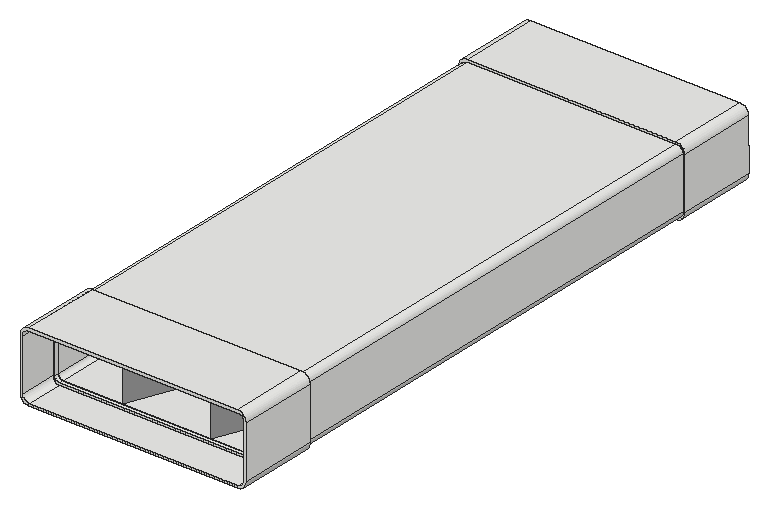
Revit family "PVCSIL", category Duct Accessories, Revit 2015
Parameters (values of type "PVCSIL-500")
  simple_220 = flat_channel_connector_do_not_use : PVC920WH
  simple_204 = flat_channel_connector_do_not_use : PVC520WH
  show_end_connector [instance] = not(Hide End Connector)  # yes
  seal_220 = flat_self_seal_connector_do_not_use : SS-PP-220X90
  seal_204 = flat_self_seal_connector_do_not_use : SS-PP-204X60
  connector_type [instance] = if(and(Duct Connection Width = 204 mm, Self Seal Connector), seal_204, if(and(Duct Connection Width = 220 mm, Self Seal Connector), seal_220, if(and(Duct Connection Width = 204 mm, Standard Connector), simple_204, simple_220)))  # flat_channel_connector_do_not_use : PVC520WH
  connector_gap [instance] = 4 mm
  Width = Duct Connection Width  # 204 mm
  Weight = 1.80 kg
  Unit Description = "500mm Long 204x60 Attenuator"
  Type Comments = ""
  Supplier Part No = Nuaire Model No  # "PVCSIL-500"
  Standard Connector [instance] = not(Self Seal Connector)  # yes
  Self Seal Connector [instance] = no
  Revit Family Last Revised = "31/10/18"  # constant formula
  Quote Reference [instance] = ""
  Project Reference [instance] = ""
  Pressure Drop [instance] = 100.0 Pa
  Order Reference [instance] = ""
  OmniClass Title = "Ventilation Ducts"  # constant formula
  OmniClass Number = "23-33 49 13"  # constant formula
  Nuaire Model No = "PVCSIL-500"
  Manufacturer Name = "Nuaire"  # constant formula
  Location Reference [instance] = ""
  Location [instance] = ""
  Length = 500 mm
  IFCExportAs = "IfcFanType"  # constant formula
  Hide End Connector [instance] = no
  Height = Duct Connection Height  # 60 mm
  Duct Connection Width = 204 mm
  Duct Connection Height = 60 mm
  Classification.Uniclass.Pr.Number = "Pr_65_65_23"  # constant formula
  Classification.Uniclass.Pr.Description = "Ductwork accessories"  # constant formula
  Catalogue Pages = "http://www.nuaire.info/catalogue/DuctmasterDuctingRangesAndAncillaries.pdf"
  Model Drawn by = "Michael Grote"  # constant formula
  Maximum Ambient Temperature = 40 °C
  URL = "http://www.nuaire.co.uk"
  Warranty Period = "5 Years"
  Weatherproof or Internal Only = "Internal"
  Manufacturer = Manufacturer Name  # "Nuaire"
  Description = Unit Description  # "500mm Long 204x60 Attenuator"
  Address = "Western Industrial Estate, Caerphilly, UK"  # constant formula
  Postcode = "CF83 1NA"  # constant formula
  Telephone Number = "+44(0)2920-858-200"  # constant formula
  Fax Number = "+44(0)2920-858-222"  # constant formula
  Email Address = "info@nuaire.co.uk"  # constant formula
  VAT Registration Number = "877308"  # constant formula
  Model = Nuaire Model No  # "PVCSIL-500"
  3lengths = no
  2piece_offset [instance] = if([2lengths], 500 mm + (connector_gap / 2), if([3lengths], 750 mm + connector_gap, 250 mm))  # 250 mm
  2or3lengths = or([2lengths], [3lengths])  # no
  2lengths = no
  1or3lengths = not([2lengths])  # yes
Types (6, lengths in mm): name | connector_type | Width | Weight | Unit Description | Supplier Part No | Nuaire Model No | Length | Height | Duct Connection Width | Duct Connection Height | Description | Model | 3lengths | 2piece_offset | 2or3lengths | 2lengths | 1or3lengths
  PVCSIL-500 | flat_channel_connector_do_not_use : PVC520WH | 204 | 1.80 kg | "500mm Long 204x60 Attenuator" | "PVCSIL-500" | "PVCSIL-500" | 500 | 60 | 204 | 60 | "500mm Long 204x60 Attenuator" | "PVCSIL-500" | no | 250 | no | no | yes
  PVCSIL-1000 | flat_channel_connector_do_not_use : PVC520WH | 204 | 2.80 kg | "1000mm Long 204x60 Attenuator" | "PVCSIL-1000" | "PVCSIL-1000" | 1000 | 60 | 204 | 60 | "1000mm Long 204x60 Attenuator" | "PVCSIL-1000" | no | 502 | yes | yes | no
  PVCSIL-1500 | flat_channel_connector_do_not_use : PVC520WH | 204 | 3.80 kg | "1500mm Long 204x60 Attenuator" | "PVCSIL-1500" | "PVCSIL-1500" | 1500 | 60 | 204 | 60 | "1500mm Long 204x60 Attenuator" | "PVCSIL-1500" | yes | 754 | yes | no | yes
  PVCSIL220X90-1500 | flat_channel_connector_do_not_use : PVC920WH | 220 | 0.00 kg | "1500mm Long 220x90 Attenuator" | "PVCSIL220X90-1500" | "PVCSIL220X90-1500" | 1500 | 90 | 220 | 90 | "1500mm Long 220x90 Attenuator" | "PVCSIL220X90-1500" | yes | 754 | yes | no | yes
  PVCSIL220X90-1000 | flat_channel_connector_do_not_use : PVC920WH | 220 | 0.00 kg | "1000mm Long 220x90 Attenuator" | "PVCSIL220X90-1000" | "PVCSIL220X90-1000" | 1000 | 90 | 220 | 90 | "1000mm Long 220x90 Attenuator" | "PVCSIL220X90-1000" | no | 502 | yes | yes | no
  PVCSIL220X90-500 | flat_channel_connector_do_not_use : PVC920WH | 220 | 0.00 kg | "1500mm Long 220x90 Attenuator" | "PVCSIL220X90-500" | "PVCSIL220X90-500" | 500 | 90 | 220 | 90 | "1500mm Long 220x90 Attenuator" | "PVCSIL220X90-500" | no | 250 | no | no | yes
Reference planes
  plane 1 "Center (Front/Back)": y = 0
  plane 2: z = 0
  plane 3 "Center (Left/Right)": x = 0
  plane 4: z = 30
  plane 5: z = -30
  plane 6: z = 28
  plane 7: z = -28
  plane 8: y = 250
  plane 9: y = -250
  plane 10: y = 254
  plane 11: y = -254
  plane 12: y = 252
  plane 13: y = -252
  plane 14: y = 250
  plane 15: y = -250
  plane 16: y = 254
  plane 17: y = 252
  plane 18: y = -252
  plane 19: y = -254
Dimensions and locks
  locked: plane 4 to plane 6 at 2
  locked: plane 7 to plane 5 at 2
  locked: plane 1 "Center (Front/Back)" to plane 8 at 250
  locked: plane 9 to plane 1 "Center (Front/Back)" at 250
  "connector_gap": plane 10 to plane 8
  "connector_gap": plane 11 to plane 9
  equal spacing: plane 10, plane 12, plane 8
  equal spacing: plane 11, plane 13, plane 9
  "2piece_offset": plane 1 "Center (Front/Back)" to plane 14
  "2piece_offset": plane 15 to plane 1 "Center (Front/Back)"
  "connector_gap": plane 16 to plane 14
  equal spacing: plane 16, plane 17, plane 14
  equal spacing: plane 19, plane 18, plane 15
  "connector_gap": plane 19 to plane 15
  aligned and locked: level to plane 2
  aligned and locked: nested 5 to plane 12
  aligned and locked: nested 4 to plane 13
  aligned and locked: nested 8 to plane 14
  aligned and locked: plane 15 to nested 7
  aligned and locked: nested 1 to plane 17
  aligned and locked: plane 18 to nested 2
Nested families
  nested 1: "flat_channel_connector_do_not_use" at (0, 252, 0), type <- "connector_type", Location <- "Location", type "PVC520WH"
    with Quote Reference "", Project Reference "", Order Reference "", Location Reference "", Location ""
  nested 2: "flat_channel_connector_do_not_use" at (0, -252, 0), type <- "connector_type", visible <- "show_end_connector", Location <- "Location", type "PVC520WH"
    with Quote Reference "", Project Reference "", Order Reference "", Location Reference "", Location ""
  nested 3: "flat_channel_connector_do_not_use" at (0, 0, 0), visible <- "2lengths", type <- "connector_type", Location <- "Location", type "PVC520WH"
    with Quote Reference "", Project Reference "", Order Reference "", Location Reference "", Location ""
  nested 4: "flat_channel_connector_do_not_use" at (0, -252, 0), visible <- "3lengths", type <- "connector_type", Location <- "Location", type "PVC520WH"
    with Quote Reference "", Project Reference "", Order Reference "", Location Reference "", Location ""
  nested 5: "flat_channel_connector_do_not_use" at (0, 252, 0), visible <- "3lengths", type <- "connector_type", Location <- "Location", type "PVC520WH"
    with Quote Reference "", Project Reference "", Order Reference "", Location Reference "", Location ""
  nested 6: "PVCSIL-500" at (0, 0, 0), visible <- "1or3lengths", type "PVCSIL-500"
    with Quote Reference "", Project Reference "", Pressure Drop 100.0 Pa, Order Reference "", Location Reference "", Location ""
  nested 7: "PVCSIL-500" at (0, 0, 0), visible <- "2or3lengths", type "PVCSIL-500"
    with Quote Reference "", Project Reference "", Pressure Drop 100.0 Pa, Order Reference "", Location Reference "", Location ""
  nested 8: "PVCSIL-500" at (0, 0, 0), visible <- "2or3lengths", type "PVCSIL-500"
    with Quote Reference "", Project Reference "", Pressure Drop 100.0 Pa, Order Reference "", Location Reference "", Location ""
Connectors
  hvac at (0, 254, 0), driven by "Duct Connection Height", driven by "Duct Connection Width"
    settings: on nested 1, index 1, duct flow 0.0 L/s, flow factor 0, pres drop 0.0 Pa, loss coef 0, conn angle 0.00°, conn width 204 mm, conn height 60 mm, conn diameter 609.6 mm, duct sys type 28, conn prof type 1, flow config 0, flow direction 0, loss method 0, conn ref index -1, conn util no, is conn primary yes, conn desc ""
  hvac at (0, -254, 0), driven by "Duct Connection Height", driven by "Duct Connection Width"
    settings: on nested 2, index 2, duct flow 0.0 L/s, flow factor 0, pres drop 0.0 Pa, loss coef 0, conn angle 0.00°, conn width 204 mm, conn height 60 mm, conn diameter 609.6 mm, duct sys type 28, conn prof type 1, flow config 0, flow direction 0, loss method 0, conn ref index -1, conn util no, is conn primary no, conn desc ""
Definition of nested family "flat_channel_connector_do_not_use"
  Parameters
    Width = 208 mm
    Weight = 0.10 kg
    Unit Description = "Flat Channel 204x60 Connector"
    Type Comments = ""
    Supplier Part No = Nuaire Model No  # "PVC520WH"
    Quote Reference [instance] = ""
    Project Reference [instance] = ""
    Order Reference [instance] = ""
    Nuaire Model No = "PVC520WH"
    Manufacturer Name = "Nuaire"  # constant formula
    Location Reference [instance] = ""
    Location [instance] = ""
    Length = 73 mm
    Height = 64 mm
    Duct Connection Width = 204 mm
    Duct Connection Height = 60 mm
    Catalogue Pages = "http://www.nuaire.info/catalogue/DuctmasterDuctingRangesAndAncillaries.pdf"
    Model Drawn by = "Michael Grote"  # constant formula
    Maximum Ambient Temperature = 40 °C
    URL = "http://www.nuaire.co.uk"
    Warranty Period = "3 Years"
    Weatherproof or Internal Only = "Internal"
    Manufacturer = Manufacturer Name  # "Nuaire"
    Description = Unit Description  # "Flat Channel 204x60 Connector"
    Address = "Western Industrial Estate, Caerphilly, UK"  # constant formula
    Postcode = "CF83 1NA"  # constant formula
    Telephone Number = "+44(0)2920-858-200"  # constant formula
    Fax Number = "+44(0)2920-858-222"  # constant formula
    Email Address = "info@nuaire.co.uk"  # constant formula
    VAT Registration Number = "877308"  # constant formula
    Model = Nuaire Model No  # "PVC520WH"
  Reference planes
    plane 1 "Center (Front/Back)": y = 0
    plane 2: z = 0
    plane 3 "Center (Left/Right)": x = 0
    plane 4: x = -102
    plane 5: x = 102
    plane 6: z = 30
    plane 7: z = -30
    plane 8: z = 32
    plane 9: x = -104
    plane 10: z = -32
    plane 11: x = 104
    plane 12: z = 28
    plane 13: z = -28
    plane 14: x = -100
    plane 15: x = 100
    plane 16: y = 36.5
    plane 17: y = -36.5
    plane 18: y = 2
    plane 19: y = -2
  Forms (mm)
    Extrusion 1, solid, detail levels medium+fine
      sketch origin (0, 0, 0) x (1, 0, 0) y (0, 0, 1)
        loop
          arc (-96, 30) -> (-100.243, 28.243) -> (-102, 24) r 6
          line (-102, 24) -> (-102, -24)
          arc (-102, -24) -> (-100.243, -28.243) -> (-96, -30) r 6
          line (-96, -30) -> (96, -30)
          arc (96, -30) -> (100.243, -28.243) -> (102, -24) r 6
          line (102, -24) -> (102, 24)
          arc (102, 24) -> (100.243, 28.243) -> (96, 30) r 6
          line (96, 30) -> (-96, 30)
        loop
          arc (-96, 32) -> (-101.657, 29.657) -> (-104, 24) r 8
          line (-104, 24) -> (-104, -24)
          arc (-104, -24) -> (-101.657, -29.657) -> (-96, -32) r 8
          line (-96, -32) -> (96, -32)
          arc (96, -32) -> (101.657, -29.657) -> (104, -24) r 8
          line (104, -24) -> (104, 24)
          arc (104, 24) -> (101.657, 29.657) -> (96, 32) r 8
          line (96, 32) -> (-96, 32)
      from -36.5 to 36.5
    Extrusion 2, solid, detail levels fine
      sketch origin (0, 0, 0) x (1, 0, 0) y (0, 0, 1)
        loop
          arc (-96, 30) -> (-100.243, 28.243) -> (-102, 24) r 6
          line (-102, 24) -> (-102, -24)
          arc (-102, -24) -> (-100.243, -28.243) -> (-96, -30) r 6
          line (-96, -30) -> (96, -30)
          arc (96, -30) -> (100.243, -28.243) -> (102, -24) r 6
          line (102, -24) -> (102, 24)
          arc (102, 24) -> (100.243, 28.243) -> (96, 30) r 6
          line (96, 30) -> (-96, 30)
        loop
          arc (-96, 28) -> (-98.828, 26.828) -> (-100, 24) r 4
          line (-100, 24) -> (-100, -24)
          arc (-100, -24) -> (-98.828, -26.828) -> (-96, -28) r 4
          line (-96, -28) -> (96, -28)
          arc (96, -28) -> (98.828, -26.828) -> (100, -24) r 4
          line (100, -24) -> (100, 24)
          arc (100, 24) -> (98.828, 26.828) -> (96, 28) r 4
          line (96, 28) -> (-96, 28)
      from -2 to 2
    Extrusion 3, solid, detail levels coarse
      sketch origin (0, 0, 0) x (1, 0, 0) y (0, 0, 1)
        loop
          line (-104, 32) -> (-104, -32) -> (104, -32) -> (104, 32) -> (-104, 32)
        loop
          line (-102, 30) -> (-102, -30) -> (102, -30) -> (102, 30) -> (-102, 30)
      from -36.5 to 36.5
  Dimensions and locks
    locked: plane 5 to plane 11 at 2
    locked: plane 8 to plane 6 at 2
    locked: plane 4 to plane 9 at 2
    locked: plane 7 to plane 10 at 2
    equal spacing: plane 5, plane 3 "Center (Left/Right)", plane 4
    "Duct Connection Width": plane 5 to plane 4
    equal spacing: plane 6, level, plane 7
    "Duct Connection Height": plane 6 to plane 7
    locked: plane 15 to plane 5 at 2
    locked: plane 6 to plane 12 at 2
    locked: plane 13 to plane 7 at 2
    locked: plane 14 to plane 4 at 2
    aligned and locked: level to plane 2
    aligned and locked: Extrusion 1 sketch curve to plane 6
    aligned and locked: plane 4 to Extrusion 1 sketch curve
    aligned and locked: Extrusion 1 sketch curve to plane 7
    aligned and locked: plane 5 to Extrusion 1 sketch curve
    aligned and locked: Extrusion 1 sketch curve to plane 8
    aligned and locked: plane 9 to Extrusion 1 sketch curve
    aligned and locked: plane 10 to Extrusion 1 sketch curve
    aligned and locked: Extrusion 1 sketch curve to plane 11
    aligned and locked: Extrusion 2 sketch curve to plane 6
    aligned and locked: plane 4 to Extrusion 2 sketch curve
    aligned and locked: Extrusion 2 sketch curve to plane 7
    aligned and locked: plane 5 to Extrusion 2 sketch curve
    aligned and locked: Extrusion 2 sketch curve to plane 12
    aligned and locked: plane 14 to Extrusion 2 sketch curve
    aligned and locked: Extrusion 2 sketch curve to plane 13
    aligned and locked: plane 15 to Extrusion 2 sketch curve
    aligned and locked: Extrusion 3 sketch curve to plane 8
    aligned and locked: plane 9 to Extrusion 3 sketch curve
    aligned and locked: plane 10 to Extrusion 3 sketch curve
    aligned and locked: Extrusion 3 sketch curve to plane 11
    aligned and locked: Extrusion 3 sketch curve to plane 6
    aligned and locked: plane 4 to Extrusion 3 sketch curve
    aligned and locked: Extrusion 3 sketch curve to plane 7
    aligned and locked: plane 5 to Extrusion 3 sketch curve
  Automatic sketch dimensions
    Extrusion 1 sketch curve to Extrusion 1 sketch curve = 0 mm  (x4)
    plane 4 to Extrusion 1 sketch curve = 6 mm
    Extrusion 1 sketch curve to plane 7 = 6 mm
    plane 5 to Extrusion 1 sketch curve = 6 mm  (x2)
    Extrusion 2 sketch curve to Extrusion 2 sketch curve = 0 mm  (x4)
    plane 14 to Extrusion 2 sketch curve = 4 mm  (x2)
    Extrusion 2 sketch curve to plane 13 = 4 mm
    plane 15 to Extrusion 2 sketch curve = 4 mm
Definition of nested family "PVCSIL-500"
  Parameters
    Width = Duct Connection Width  # 204 mm
    Weight = 1.80 kg
    Unit Description = "500mm Long Rigid Flat Duct Attenuator"
    Type Comments = ""
    Supplier Part No = Nuaire Model No  # "PVCSIL-500"
    Quote Reference [instance] = ""
    Project Reference [instance] = ""
    Pressure Drop [instance] = 100.0 Pa
    Order Reference [instance] = ""
    Nuaire Model No = "PVCSIL-500"
    Manufacturer Name = "Nuaire"  # constant formula
    Location Reference [instance] = ""
    Location [instance] = ""
    Length = 500 mm
    Height = Duct Connection Height  # 60 mm
    Duct Connection Width = 204 mm
    Duct Connection Height = 60 mm
    Catalogue Pages = "http://www.nuaire.info/catalogue/DuctmasterDuctingRangesAndAncillaries.pdf"
    Model Drawn by = "Michael Grote"  # constant formula
    Maximum Ambient Temperature = 40 °C
    URL = "http://www.nuaire.co.uk"
    Warranty Period = "5 Years"
    Weatherproof or Internal Only = "Internal"
    Manufacturer = Manufacturer Name  # "Nuaire"
    Description = Unit Description  # "500mm Long Rigid Flat Duct Attenuator"
    Address = "Western Industrial Estate, Caerphilly, UK"  # constant formula
    Postcode = "CF83 1NA"  # constant formula
    Telephone Number = "+44(0)2920-858-200"  # constant formula
    Fax Number = "+44(0)2920-858-222"  # constant formula
    Email Address = "info@nuaire.co.uk"  # constant formula
    VAT Registration Number = "877308"  # constant formula
    Model = Nuaire Model No  # "PVCSIL-500"
  Reference planes
    plane 1 "Center (Front/Back)": y = 0
    plane 2: z = 0
    plane 3 "Center (Left/Right)": x = 0
    plane 4: z = 30
    plane 5: z = -30
    plane 6: x = -102
    plane 7: x = 102
    plane 8: y = 250
    plane 9: y = -250
    plane 10: y = 200
    plane 11: y = -200
    plane 12: x = -40.8
    plane 13: x = 40.8
    plane 14: x = -61.2
    plane 15: x = -20.4
    plane 16: x = 20.4
    plane 17: x = 61.2
    plane 18: z = 28
    plane 19: z = -28
  Forms (mm)
    Extrusion 1, solid, detail levels medium+fine
      sketch origin (0, 0, 0) x (1, 0, 0) y (0, 0, 1)
        loop
          arc (-96, 30) -> (-100.243, 28.243) -> (-102, 24) r 6
          line (-102, 24) -> (-102, -24)
          arc (-102, -24) -> (-100.243, -28.243) -> (-96, -30) r 6
          line (-96, -30) -> (96, -30)
          arc (96, -30) -> (100.243, -28.243) -> (102, -24) r 6
          line (102, -24) -> (102, 24)
          arc (102, 24) -> (100.243, 28.243) -> (96, 30) r 6
          line (96, 30) -> (-96, 30)
        loop
          arc (100, 24) -> (98.828, 26.828) -> (96, 28) r 4
          line (96, 28) -> (-96, 28)
          arc (-96, 28) -> (-98.828, 26.828) -> (-100, 24) r 4
          line (-100, 24) -> (-100, -24)
          arc (-100, -24) -> (-98.828, -26.828) -> (-96, -28) r 4
          line (-96, -28) -> (96, -28)
          arc (96, -28) -> (98.828, -26.828) -> (100, -24) r 4
          line (100, -24) -> (100, 24)
      from -250 to 250
    Extrusion 2, solid, detail levels fine
      sketch origin (0, 0, 0) x (1, 0, 0) y (0, 1, 0)
        loop
          line (-61.2, 200) -> (-61.2, -200) -> (-40.8, -250) -> (-20.4, -200) -> (-20.4, 200) -> (-40.8, 250) -> (-61.2, 200)
        loop
          line (61.2, 200) -> (40.8, 250) -> (20.4, 200) -> (20.4, -200) -> (40.8, -250) -> (61.2, -200) -> (61.2, 200)
      from -28 to 28
    Extrusion 3, solid, detail levels coarse
      sketch origin (0, 0, 0) x (1, 0, 0) y (0, 0, 1)
        loop
          line (-102, 30) -> (-102, -30) -> (102, -30) -> (102, 30) -> (-102, 30)
      from -250 to 250
  Dimensions and locks
    equal spacing: plane 8, plane 1 "Center (Front/Back)", plane 9
    "Length": plane 9 to plane 8
    locked: plane 10 to plane 8 at 50
    locked: plane 11 to plane 9 at 50
    equal spacing: plane 7, plane 3 "Center (Left/Right)", plane 6
    "Duct Connection Width": plane 7 to plane 6
    equal spacing: plane 4, level, plane 5
    "Duct Connection Height": plane 4 to plane 5
    equal spacing: plane 6, plane 14, plane 15, plane 16, plane 17, plane 7
    equal spacing: plane 14, plane 12, plane 15
    equal spacing: plane 16, plane 13, plane 17
    plane 13 to plane 16 = 20.4 mm
    locked: plane 4 to plane 18 at 2
    locked: plane 19 to plane 5 at 2
    radius of Extrusion 1 sketch curve = 6 mm  (x4)
    aligned and locked: level to plane 2
    aligned and locked: Extrusion 1 to plane 8
    aligned and locked: Extrusion 1 to plane 9
    aligned and locked: Extrusion 1 to Extrusion 3  (x2)
    aligned and locked: Extrusion 3 sketch curve to plane 4
    aligned and locked: plane 7 to Extrusion 3 sketch curve
    aligned and locked: plane 6 to Extrusion 3 sketch curve
    aligned and locked: Extrusion 3 sketch curve to plane 5
    aligned and locked: plane 17 to Extrusion 2
    aligned and locked: Extrusion 2 to plane 16
    aligned and locked: plane 19 to Extrusion 2
    aligned and locked: plane 18 to Extrusion 2
  Automatic sketch dimensions
    Extrusion 1 sketch curve to Extrusion 1 sketch curve = 0 mm  (x7)
    Extrusion 1 sketch curve to plane 6 = 0 mm
    Extrusion 1 sketch curve to plane 4 = 0 mm
    Extrusion 1 sketch curve to plane 5 = 0 mm
    plane 7 to Extrusion 1 sketch curve = 0 mm
    Extrusion 1 sketch curve to plane 5 = 2 mm
    plane 10 to Extrusion 2 sketch curve = 0 mm  (x3)
    Extrusion 2 sketch curve to plane 11 = 0 mm  (x3)
    plane 8 to Extrusion 2 sketch curve = 0 mm  (x2)
    Extrusion 2 sketch curve to plane 9 = 0 mm  (x2)
    Extrusion 2 sketch curve to plane 16 = 0 mm
    Extrusion 2 sketch curve to plane 17 = 0 mm
    plane 15 to Extrusion 2 sketch curve = 0 mm
    Extrusion 2 sketch curve to plane 12 = 0 mm  (x2)
    Extrusion 2 sketch curve to plane 14 = 0 mm
    plane 13 to Extrusion 2 sketch curve = 0 mm
    plane 11 to Extrusion 2 sketch curve = 0 mm
    Extrusion 2 sketch curve to plane 10 = 0 mm
    Extrusion 2 sketch curve to plane 13 = 0 mm
